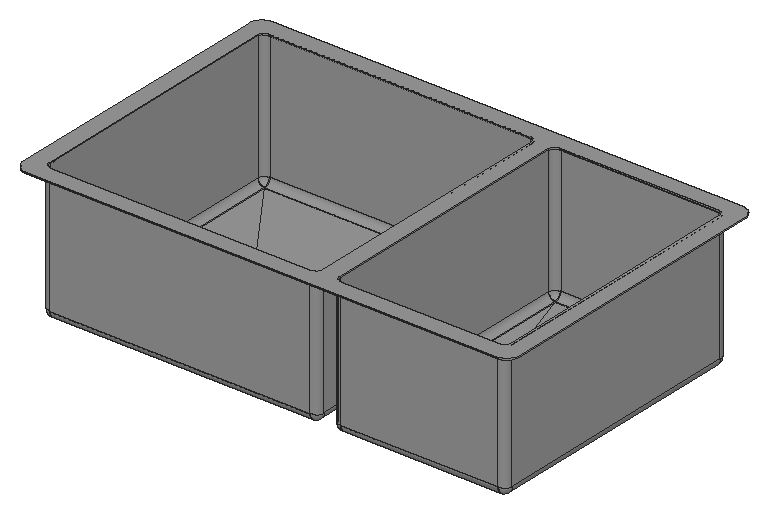
Revit family "BUILDMAT-SNGM011-Clifford-725-Gunmetal", category Plumbing Fixtures, host Face, Revit 2020
Family settings
  Host = Face
  Round Connector Dimension = Use Diameter
  Part Type = Normal
  Cut with Voids When Loaded = No
  Shared = No
  Room Calculation Point = No
Parameters (values of type "Clifford 725x450x205mm")
  Width 2 = 250.0 mm
  Width 1 = 400.0 mm
  Undermount [instance] = 20.0 mm
  URL = "https://www.buildmat.com.au/products/725x450x205-single-and-qtr-bowl-sink"
  Sound Pad 2 = no
  Sound Pad 1 = yes
  Model = "SNA01011"  # constant formula
  Manufacturer URL = "https://www.buildmat.com.au/"
  Manufacturer = "BUILDMAT"  # constant formula
  Length = 400.0 mm
  Gap = 25.0 mm
  Drain Sound Pad 2 = yes
  Drain Sound Pad 1 = yes
  Description = "BUILDMAT - Clifford 725x450 Single & 1/4 Bowl Sink"  # constant formula
  Depth = 205.0 mm
  Default Elevation = 1200.0 mm
  D. S. Pad 2 = 75.0 mm
  D. S. Pad 1 = 230.0 mm
  D. Bracket 4 = 100.0 mm
  D. Bracket 3 = 25.0 mm
  D. Bracket 2 = 30.0 mm
  D. Bracket 1 = 100.0 mm
  Created By URL = "https://www.buildmat.com.au/"
  Created By = "BUILDMAT"  # constant formula
  Created = "22.06.2022"  # constant formula
  Bracket 4 = yes
  Bracket 3 = no
  Bracket 2 = yes
  Bracket 1 = yes
  Material = BUILDMAT Gunmetal
Reference planes
  plane 1 "Center (Front/Back)": y = 0
  plane 2: z = 0
  plane 3 "Center (Left/Right)": x = 0
  plane 4: x = -12.5
  plane 5: x = 12.5
  plane 6: x = -412.5
  plane 7: x = 262.5
  plane 8: y = -200
  plane 9: y = 200
  plane 10: x = -437.5
  plane 11: x = 287.5
  plane 12: y = -225
  plane 13: y = 225
  plane 14: x = 137.5
  plane 15: x = -212.5
  plane 16: y = 190
  plane 17: y = -190
  plane 18: x = -402.5
  plane 19: x = -22.5
  plane 20: x = 22.5
  plane 21: x = 252.5
  plane 22: y = 201.5
  plane 23: y = -201.5
  plane 24: x = -414
  plane 25: x = -11
  plane 26: x = 11
  plane 27: x = 264
  plane 28: x = -269.5
  plane 29: x = -155.5
  plane 30: x = -167.5
  plane 31: x = -257.5
  plane 32: x = 80.5
  plane 33: x = 92.5
  plane 34: x = 182.5
  plane 35: x = 194.5
  plane 36 "Sound Pad 1": x = -182.5
  plane 37 "Sound Pad 2": x = 187.5
  plane 38 "Top Substrate": z = -20
  plane 39: z = -18.5
  plane 40 "Bottom Void": z = -225
  plane 41: z = -215
  plane 42: z = -205
  plane 43: z = -220
  plane 44: z = -221.481
  plane 45: z = -216.5
  plane 46 "Sound Pad": z = -125
  plane 47 "Bracket 1": x = -312.5
  plane 48 "Bracket 2": x = -42.5
  plane 49 "Bracket 3": x = 37.5
  plane 50 "Bracket 4": x = 162.5
  plane 51: y = 100
  plane 52: y = -100
  plane 53: x = -312.5
  plane 54: x = -112.5
  plane 55: x = 37.5
  plane 56: x = 237.5
  plane 57: z = -185
  plane 58: z = -165
Forms (mm)
  Extrusion 1, void
    sketch origin (0, 0, 0) x (1, 0, 0) y (0, 1, 0)
      loop
        arc (-402.5, 200) -> (-409.571, 197.071) -> (-412.5, 190) r 10
        line (-412.5, 190) -> (-412.5, -190)
        arc (-412.5, -190) -> (-409.571, -197.071) -> (-402.5, -200) r 10
        line (-402.5, -200) -> (252.5, -200)
        arc (252.5, -200) -> (259.571, -197.071) -> (262.5, -190) r 10
        line (262.5, -190) -> (262.5, 190)
        arc (262.5, 190) -> (259.571, 197.071) -> (252.5, 200) r 10
        line (252.5, 200) -> (-402.5, 200)
    from 0 to -18.5
  Extrusion 2, void
    sketch origin (0, 0, 0) x (1, 0, 0) y (0, 1, 0)
      loop
        arc (-417.5, 225) -> (-431.642, 219.142) -> (-437.5, 205) r 20
        line (-437.5, 205) -> (-437.5, -205)
        arc (-437.5, -205) -> (-431.642, -219.142) -> (-417.5, -225) r 20
        line (-417.5, -225) -> (267.5, -225)
        arc (267.5, -225) -> (281.642, -219.142) -> (287.5, -205) r 20
        line (287.5, -205) -> (287.5, 205)
        arc (287.5, 205) -> (281.642, 219.142) -> (267.5, 225) r 20
        line (267.5, 225) -> (-417.5, 225)
    from -20 to -18.5
  Extrusion 3, void
    sketch origin (0, 0, 0) x (1, 0, 0) y (0, 1, 0)
      loop
        line (-414, 201.5) -> (-414, -201.5) -> (264, -201.5) -> (264, 201.5) -> (-414, 201.5)
    from -225 to -20
  Extrusion 4, solid, material "BUILDMAT Gunmetal" <- "Material"
    sketch origin (0, 0, -20) x (-1, 0, 0) y (0, -1, 0)
      loop
        arc (417.5, -225) -> (431.642, -219.142) -> (437.5, -205) r 20
        line (437.5, -205) -> (437.5, 205)
        arc (437.5, 205) -> (431.642, 219.142) -> (417.5, 225) r 20
        line (417.5, 225) -> (-267.5, 225)
        arc (-267.5, 225) -> (-281.642, 219.142) -> (-287.5, 205) r 20
        line (-287.5, 205) -> (-287.5, -205)
        arc (-287.5, -205) -> (-281.642, -219.142) -> (-267.5, -225) r 20
        line (-267.5, -225) -> (417.5, -225)
      loop
        arc (402.5, -200) -> (409.571, -197.071) -> (412.5, -190) r 10
        line (412.5, -190) -> (412.5, 190)
        arc (412.5, 190) -> (409.571, 197.071) -> (402.5, 200) r 10
        line (402.5, 200) -> (22.5, 200)
        arc (22.5, 200) -> (15.429, 197.071) -> (12.5, 190) r 10
        line (12.5, 190) -> (12.5, -190)
        arc (12.5, -190) -> (15.429, -197.071) -> (22.5, -200) r 10
        line (22.5, -200) -> (402.5, -200)
      loop
        line (-12.5, -190) -> (-12.5, 190)
        arc (-12.5, 190) -> (-15.429, 197.071) -> (-22.5, 200) r 10
        line (-22.5, 200) -> (-252.5, 200)
        arc (-252.5, 200) -> (-259.571, 197.071) -> (-262.5, 190) r 10
        line (-262.5, 190) -> (-262.5, -190)
        arc (-262.5, -190) -> (-259.571, -197.071) -> (-252.5, -200) r 10
        line (-252.5, -200) -> (-22.5, -200)
        arc (-22.5, -200) -> (-15.429, -197.071) -> (-12.5, -190) r 10
    from 0 to 1.5
  Extrusion 5, solid, material "BUILDMAT Gunmetal" <- "Material"
    sketch origin (0, 0, -20) x (-1, 0, 0) y (0, -1, 0)
      loop
        arc (402.5, -200) -> (409.571, -197.071) -> (412.5, -190) r 10
        line (412.5, -190) -> (412.5, 190)
        arc (412.5, 190) -> (409.571, 197.071) -> (402.5, 200) r 10
        line (402.5, 200) -> (22.5, 200)
        arc (22.5, 200) -> (15.429, 197.071) -> (12.5, 190) r 10
        line (12.5, 190) -> (12.5, -190)
        arc (12.5, -190) -> (15.429, -197.071) -> (22.5, -200) r 10
        line (22.5, -200) -> (402.5, -200)
      loop
        arc (402.5, -201.5) -> (410.632, -198.132) -> (414, -190) r 11.5
        line (414, -190) -> (414, 190)
        arc (414, 190) -> (410.632, 198.132) -> (402.5, 201.5) r 11.5
        line (402.5, 201.5) -> (22.5, 201.5)
        arc (22.5, 201.5) -> (14.368, 198.132) -> (11, 190) r 11.5
        line (11, 190) -> (11, -190)
        arc (11, -190) -> (14.368, -198.132) -> (22.5, -201.5) r 11.5
        line (22.5, -201.5) -> (402.5, -201.5)
    from 0 to -185
  Extrusion 6, solid, material "BUILDMAT Gunmetal" <- "Material"
    sketch origin (0, 0, -20) x (-1, 0, 0) y (0, -1, 0)
      loop
        arc (-22.5, -200) -> (-15.429, -197.071) -> (-12.5, -190) r 10
        line (-12.5, -190) -> (-12.5, 190)
        arc (-12.5, 190) -> (-15.429, 197.071) -> (-22.5, 200) r 10
        line (-22.5, 200) -> (-252.5, 200)
        arc (-252.5, 200) -> (-259.571, 197.071) -> (-262.5, 190) r 10
        line (-262.5, 190) -> (-262.5, -190)
        arc (-262.5, -190) -> (-259.571, -197.071) -> (-252.5, -200) r 10
        line (-252.5, -200) -> (-22.5, -200)
      loop
        line (-11, -190) -> (-11, 190)
        arc (-11, 190) -> (-14.368, 198.132) -> (-22.5, 201.5) r 11.5
        line (-22.5, 201.5) -> (-252.5, 201.5)
        arc (-252.5, 201.5) -> (-260.632, 198.132) -> (-264, 190) r 11.5
        line (-264, 190) -> (-264, -190)
        arc (-264, -190) -> (-260.632, -198.132) -> (-252.5, -201.5) r 11.5
        line (-252.5, -201.5) -> (-22.5, -201.5)
        arc (-22.5, -201.5) -> (-14.368, -198.132) -> (-11, -190) r 11.5
    from 0 to -185
  Extrusion 7, solid, material "BUILDMAT Gunmetal" <- "Material"
    sketch origin (0, 0, 0) x (1, 0, 0) y (0, 0, 1)
      loop
        line (-412.5, -205) -> (-414, -205)
        arc (-414, -205) -> (-410.632, -213.132) -> (-402.5, -216.5) r 11.5
        line (-402.5, -216.5) -> (-402.5, -215)
        arc (-402.5, -215) -> (-409.571, -212.071) -> (-412.5, -205) r 10
    from -190 to 190
  Extrusion 8, solid, material "BUILDMAT Gunmetal" <- "Material"
    sketch origin (0, 0, 0) x (1, 0, 0) y (0, 0, 1)
      loop
        arc (-12.5, -205) -> (-15.429, -212.071) -> (-22.5, -215) r 10
        line (-22.5, -215) -> (-22.5, -216.5)
        arc (-22.5, -216.5) -> (-14.368, -213.132) -> (-11, -205) r 11.5
        line (-11, -205) -> (-12.5, -205)
    from -190 to 190
  Extrusion 9, solid, material "BUILDMAT Gunmetal" <- "Material"
    sketch origin (0, 0, 0) x (1, 0, 0) y (0, 0, 1)
      loop
        line (12.5, -205) -> (11, -205)
        arc (11, -205) -> (14.368, -213.132) -> (22.5, -216.5) r 11.5
        line (22.5, -216.5) -> (22.5, -215)
        arc (22.5, -215) -> (15.429, -212.071) -> (12.5, -205) r 10
    from -190 to 190
  Extrusion 10, solid, material "BUILDMAT Gunmetal" <- "Material"
    sketch origin (0, 0, 0) x (1, 0, 0) y (0, 0, 1)
      loop
        arc (262.5, -205) -> (259.571, -212.071) -> (252.5, -215) r 10
        line (252.5, -215) -> (252.5, -216.5)
        arc (252.5, -216.5) -> (260.632, -213.132) -> (264, -205) r 11.5
        line (264, -205) -> (262.5, -205)
    from -190 to 190
  Extrusion 11, solid, material "BUILDMAT Gunmetal" <- "Material"
    sketch origin (0, 0, 0) x (0, 1, 0) y (0, 0, 1)
      loop
        line (201.5, -205) -> (200, -205)
        arc (200, -205) -> (197.071, -212.071) -> (190, -215) r 10
        line (190, -215) -> (190, -216.5)
        arc (190, -216.5) -> (198.132, -213.132) -> (201.5, -205) r 11.5
    from 22.5 to 252.5
  Extrusion 12, solid, material "BUILDMAT Gunmetal" <- "Material"
    sketch origin (0, 0, 0) x (0, 1, 0) y (0, 0, 1)
      loop
        line (-200, -205) -> (-201.5, -205)
        arc (-201.5, -205) -> (-198.132, -213.132) -> (-190, -216.5) r 11.5
        line (-190, -216.5) -> (-190, -215)
        arc (-190, -215) -> (-197.071, -212.071) -> (-200, -205) r 10
    from 22.5 to 252.5
  Extrusion 13, solid, material "BUILDMAT Gunmetal" <- "Material"
    sketch origin (0, 0, 0) x (0, 1, 0) y (0, 0, 1)
      loop
        arc (200, -205) -> (197.071, -212.071) -> (190, -215) r 10
        line (190, -215) -> (190, -216.5)
        arc (190, -216.5) -> (198.132, -213.132) -> (201.5, -205) r 11.5
        line (201.5, -205) -> (200, -205)
    from -402.5 to -22.5
  Extrusion 14, solid, material "BUILDMAT Gunmetal" <- "Material"
    sketch origin (0, 0, 0) x (0, 1, 0) y (0, 0, 1)
      loop
        line (-200, -205) -> (-201.5, -205)
        arc (-201.5, -205) -> (-198.132, -213.132) -> (-190, -216.5) r 11.5
        line (-190, -216.5) -> (-190, -215)
        arc (-190, -215) -> (-197.071, -212.071) -> (-200, -205) r 10
    from -402.5 to -22.5
  Revolve 15, solid, material "BUILDMAT Gunmetal" <- "Material"
    sketch origin (-423.435, 190, 4000) x (-1, 0, 0) y (0, 0, 1)
      loop
        arc (-10.935, -4205) -> (-13.864, -4212.071) -> (-20.935, -4215) r 10
        line (-20.935, -4215) -> (-20.935, -4216.5)
        arc (-20.935, -4216.5) -> (-12.804, -4213.132) -> (-9.435, -4205) r 11.5
        line (-9.435, -4205) -> (-10.935, -4205)
      axis (-20.935, -4205) -> (-20.935, -4216.5)
    angle from -90 to 0
  Revolve 16, solid, material "BUILDMAT Gunmetal" <- "Material"
    sketch origin (-423.435, 190, 4000) x (-1, 0, 0) y (0, 0, 1)
      loop
        line (-410.935, -4205) -> (-412.435, -4205)
        arc (-412.435, -4205) -> (-409.067, -4213.132) -> (-400.935, -4216.5) r 11.5
        line (-400.935, -4216.5) -> (-400.935, -4215)
        arc (-400.935, -4215) -> (-408.006, -4212.071) -> (-410.935, -4205) r 10
      axis (-400.935, -4205) -> (-400.935, -4216.5)
    angle from -90 to 0
  Revolve 17, solid, material "BUILDMAT Gunmetal" <- "Material"
    sketch origin (-423.435, 190, 4000) x (-1, 0, 0) y (0, 0, 1)
      loop
        arc (-435.935, -4205) -> (-438.864, -4212.071) -> (-445.935, -4215) r 10
        line (-445.935, -4215) -> (-445.935, -4216.5)
        arc (-445.935, -4216.5) -> (-437.804, -4213.132) -> (-434.435, -4205) r 11.5
        line (-434.435, -4205) -> (-435.935, -4205)
      axis (-445.935, -4205) -> (-445.935, -4216.5)
    angle from -90 to 0
  Revolve 18, solid, material "BUILDMAT Gunmetal" <- "Material"
    sketch origin (-423.435, 190, 4000) x (-1, 0, 0) y (0, 0, 1)
      loop
        line (-685.935, -4205) -> (-687.435, -4205)
        arc (-687.435, -4205) -> (-684.067, -4213.132) -> (-675.935, -4216.5) r 11.5
        line (-675.935, -4216.5) -> (-675.935, -4215)
        arc (-675.935, -4215) -> (-683.006, -4212.071) -> (-685.935, -4205) r 10
      axis (-675.935, -4205) -> (-675.935, -4216.5)
    angle from -90 to 0
  Revolve 19, solid, material "BUILDMAT Gunmetal" <- "Material"
    sketch origin (-423.435, -190, 4000) x (-1, 0, 0) y (0, 0, 1)
      loop
        arc (-10.935, -4205) -> (-13.864, -4212.071) -> (-20.935, -4215) r 10
        line (-20.935, -4215) -> (-20.935, -4216.5)
        arc (-20.935, -4216.5) -> (-12.804, -4213.132) -> (-9.435, -4205) r 11.5
        line (-9.435, -4205) -> (-10.935, -4205)
      axis (-20.935, -4205) -> (-20.935, -4216.5)
    angle from 0 to 90
  Revolve 20, solid, material "BUILDMAT Gunmetal" <- "Material"
    sketch origin (-423.435, -190, 4000) x (-1, 0, 0) y (0, 0, 1)
      loop
        arc (-412.435, -4205) -> (-409.067, -4213.132) -> (-400.935, -4216.5) r 11.5
        line (-400.935, -4216.5) -> (-400.935, -4215)
        arc (-400.935, -4215) -> (-408.006, -4212.071) -> (-410.935, -4205) r 10
        line (-410.935, -4205) -> (-412.435, -4205)
      axis (-400.935, -4205) -> (-400.935, -4216.5)
    angle from 0 to 90
  Revolve 21, solid, material "BUILDMAT Gunmetal" <- "Material"
    sketch origin (-423.435, -190, 4000) x (-1, 0, 0) y (0, 0, 1)
      loop
        line (-434.435, -4205) -> (-435.935, -4205)
        arc (-435.935, -4205) -> (-438.864, -4212.071) -> (-445.935, -4215) r 10
        line (-445.935, -4215) -> (-445.935, -4216.5)
        arc (-445.935, -4216.5) -> (-437.804, -4213.132) -> (-434.435, -4205) r 11.5
      axis (-445.935, -4205) -> (-445.935, -4216.5)
    angle from 0 to 90
  Revolve 22, solid, material "BUILDMAT Gunmetal" <- "Material"
    sketch origin (-423.435, -190, 4000) x (-1, 0, 0) y (0, 0, 1)
      loop
        arc (-687.435, -4205) -> (-684.067, -4213.132) -> (-675.935, -4216.5) r 11.5
        line (-675.935, -4216.5) -> (-675.935, -4215)
        arc (-675.935, -4215) -> (-683.006, -4212.071) -> (-685.935, -4205) r 10
        line (-685.935, -4205) -> (-687.435, -4205)
      axis (-675.935, -4205) -> (-675.935, -4216.5)
    angle from 0 to 90
  Extrusion 23, solid, material "BUILDMAT Gunmetal" <- "Material"
    sketch origin (0, 0, -20) x (-1, 0, 0) y (0, -1, 0)
      loop
        line (22.5, -190) -> (402.5, -190) -> (402.5, 190) -> (22.5, 190) -> (22.5, -190)
    from -196.5 to -195
  Extrusion 24, solid, material "BUILDMAT Gunmetal" <- "Material"
    sketch origin (0, 0, -20) x (-1, 0, 0) y (0, -1, 0)
      loop
        line (-22.5, -190) -> (-22.5, 190) -> (-252.5, 190) -> (-252.5, -190) -> (-22.5, -190)
    from -196.5 to -195
  Blend 25, solid, material "BUILDMAT Gunmetal" <- "Material"
    base sketch origin (0, 0, -20) x (-1, 0, 0) y (0, -1, 0)
      loop
        circle (212.5, 0) r 57
    top sketch origin (0, 0, -20) x (-1, 0, 0) y (0, -1, 0)
      loop
        line (402.5, -190) -> (402.5, 190) -> (22.5, 190) -> (22.5, -190) -> (402.5, -190)
    from -201.481 to -196.5
  Blend 26, solid, material "BUILDMAT Gunmetal" <- "Material"
    base sketch origin (0, 0, -20) x (-1, 0, 0) y (0, -1, 0)
      loop
        circle (-137.5, 0) r 57
    top sketch origin (0, 0, -20) x (-1, 0, 0) y (0, -1, 0)
      loop
        line (-22.5, -190) -> (-22.5, 190) -> (-252.5, 190) -> (-252.5, -190) -> (-22.5, -190)
    from -201.481 to -196.5
  Blend 27, void
    base sketch origin (0, 0, -20) x (-1, 0, 0) y (0, -1, 0)
      loop
        circle (212.5, 0) r 57
    top sketch origin (0, 0, -20) x (-1, 0, 0) y (0, -1, 0)
      loop
        line (402.5, -190) -> (402.5, 190) -> (22.5, 190) -> (22.5, -190) -> (402.5, -190)
    from -200 to -195
  Blend 28, void
    base sketch origin (0, 0, -20) x (-1, 0, 0) y (0, -1, 0)
      loop
        circle (-137.5, 0) r 57
    top sketch origin (0, 0, -20) x (-1, 0, 0) y (0, -1, 0)
      loop
        line (-22.5, -190) -> (-22.5, 190) -> (-252.5, 190) -> (-252.5, -190) -> (-22.5, -190)
    from -200 to -195
  Extrusion 29, void
    sketch origin (0, 0, -225) x (-1, 0, 0) y (0, -1, 0)
      loop
        circle (212.5, 0) r 57
    from 0 to 5
  Extrusion 30, void
    sketch origin (0, 0, -225) x (-1, 0, 0) y (0, -1, 0)
      loop
        circle (-137.5, 0) r 57
    from 0 to 5
  Revolve 31, solid, material "BUILDMAT Gunmetal" <- "Material"
    sketch origin (0, 0, 0) x (1, 0, 0) y (0, 0, 1)
      loop
        spline (-269.5, -220) -> (-269.397, -220.653) -> (-269.091, -221.294) -> (-268.587, -221.913) -> (-267.892, -222.5) -> (-267.02, -223.044) -> (-265.985, -223.536) -> (-264.805, -223.967) -> (-263.5, -224.33) -> (-262.092, -224.619) -> (-260.606, -224.83) -> (-259.066, -224.957) -> (-257.5, -225)
        line (-257.5, -225) -> (-257.5, -223.5)
        spline (-257.5, -223.5) -> (-258.871, -223.47) -> (-260.218, -223.381) -> (-261.518, -223.234) -> (-262.75, -223.031) -> (-263.892, -222.777) -> (-264.925, -222.475) -> (-265.83, -222.131) -> (-266.593, -221.75) -> (-267.201, -221.339) -> (-267.642, -220.906) -> (-267.91, -220.457) -> (-268, -220)
        line (-268, -220) -> (-269.5, -220)
      axis (-212.5, -225) -> (-212.5, -220)
    angle from 0 to 360
  Revolve 32, solid, material "BUILDMAT Gunmetal" <- "Material"
    sketch origin (0, 0, 0) x (1, 0, 0) y (0, 0, 1)
      loop
        line (194.5, -220) -> (193, -220)
        spline (193, -220) -> (192.91, -220.457) -> (192.642, -220.906) -> (192.201, -221.339) -> (191.593, -221.75) -> (190.83, -222.131) -> (189.925, -222.475) -> (188.892, -222.777) -> (187.75, -223.031) -> (186.518, -223.234) -> (185.218, -223.381) -> (183.871, -223.47) -> (182.5, -223.5)
        line (182.5, -223.5) -> (182.5, -225)
        spline (182.5, -225) -> (184.066, -224.957) -> (185.606, -224.83) -> (187.092, -224.619) -> (188.5, -224.33) -> (189.805, -223.967) -> (190.985, -223.536) -> (192.02, -223.044) -> (192.892, -222.5) -> (193.587, -221.913) -> (194.091, -221.294) -> (194.397, -220.653) -> (194.5, -220)
      axis (137.5, -220) -> (137.5, -225)
    angle from 0 to 360
Cuts and joins
  Blend 27, Extrusion 29 cuts Extrusion 23
  Blend 27, Extrusion 29 cuts Blend 25
  joined: Extrusion 23, Blend 25
  Blend 28, Extrusion 30 cuts Extrusion 24
  Blend 28, Extrusion 30 cuts Blend 26
  joined: Extrusion 24, Blend 26
Lines and regions (mm)
  Masking region 1
    outline origin (0, 0, 0) x (1, 0, 0) y (0, 0, 1)
      loop
        line (-412.5, -20) -> (-412.5, -205)
        arc (-412.5, -205) -> (-409.571, -212.071) -> (-402.5, -215) r 10
        line (-402.5, -215) -> (-269.5, -220) -> (-155.5, -220) -> (-22.5, -215)
        arc (-22.5, -215) -> (-15.429, -212.071) -> (-12.5, -205) r 10
        line (-12.5, -205) -> (-12.5, -20) -> (-412.5, -20)
  Masking region 2
    outline origin (0, 0, 0) x (1, 0, 0) y (0, 0, 1)
      loop
        line (12.5, -20) -> (12.5, -205)
        arc (12.5, -205) -> (14.848, -211.438) -> (20.789, -214.852) r 10
        line (20.789, -214.852) -> (80.5, -220) -> (194.5, -220) -> (252.5, -215)
        arc (252.5, -215) -> (259.571, -212.071) -> (262.5, -205) r 10
        line (262.5, -205) -> (262.5, -20) -> (12.5, -20)
  Masking region 3, visible <- "Drain Sound Pad 1"
    outline origin (0, 0, 0) x (1, 0, 0) y (0, 0, 1)
      loop
        line (-269.5, -221.481) -> (-312.5, -219.871) -> (-312.5, -225) -> (-269.5, -225) -> (-269.5, -221.481)
  Masking region 4, visible <- "Drain Sound Pad 1"
    outline origin (0, 0, 0) x (1, 0, 0) y (0, 0, 1)
      loop
        line (-155.5, -221.481) -> (-155.5, -225) -> (-112.5, -225) -> (-112.5, -219.871) -> (-155.5, -221.481)
  Masking region 5, visible <- "Drain Sound Pad 2"
    outline origin (0, 0, 0) x (1, 0, 0) y (0, 0, 1)
      loop
        line (37.5, -217.788) -> (37.5, -225) -> (80.5, -225) -> (80.5, -221.481) -> (37.5, -217.788)
  Masking region 6, visible <- "Drain Sound Pad 2"
    outline origin (0, 0, 0) x (1, 0, 0) y (0, 0, 1)
      loop
        line (237.5, -217.788) -> (194.5, -221.481) -> (194.5, -225) -> (237.5, -225) -> (237.5, -217.788)
  Masking region 7
    outline origin (0, 0, 0) x (1, 0, 0) y (0, 0, 1)
      loop
        line (-11, -165) -> (-11, -185) -> (11, -185) -> (11, -165) -> (-11, -165)
Text (mm)
  text "Refer to www.buildmat.com.au for the most current product literature. \nAllow a +/- 5mm tolerance for dimensions shown in the product literature. \nPlease note product details are subject to change due to ongoing product development." at (0.056, -1035.857, 0), in view "Ref. Level"
Dimensions and locks
  equal spacing: plane 4, plane 3 "Center (Left/Right)", plane 5
  "Gap": plane 4 to plane 5
  "Width 1": plane 6 to plane 4
  "Width 2": plane 5 to plane 7
  equal spacing: plane 9, plane 1 "Center (Front/Back)", plane 8
  "Length": plane 8 to plane 9
  locked: plane 10 to plane 6 at 25
  locked: plane 7 to plane 11 at 25
  locked: plane 13 to plane 9 at 25
  locked: plane 8 to plane 12 at 25
  equal spacing: plane 5, plane 14, plane 7
  equal spacing: plane 6, plane 15, plane 4
  locked: plane 9 to plane 16 at 10
  locked: plane 17 to plane 8 at 10
  locked: plane 6 to plane 18 at 10
  locked: plane 19 to plane 4 at 10
  locked: plane 5 to plane 20 at 10
  locked: plane 21 to plane 7 at 10
  locked: plane 8 to plane 23 at 1.5
  locked: plane 22 to plane 9 at 1.5
  locked: plane 24 to plane 6 at 1.5
  locked: plane 4 to plane 25 at 1.5
  locked: plane 26 to plane 5 at 1.5
  locked: plane 7 to plane 27 at 1.5
  plane 28 to plane 15 to plane 29 = 57.0 mm locked, 57.0 mm locked
  plane 31 to plane 15 to plane 30 = 45.0 mm locked, 45.0 mm locked
  plane 32 to plane 14 to plane 35 = 57.0 mm locked, 57.0 mm locked
  plane 33 to plane 14 to plane 34 = 45.0 mm locked, 45.0 mm locked
  locked: plane 39 to plane 38 "Top Substrate" at 1.5
  plane 42 to plane 41 to plane 40 "Bottom Void" = 10.0 mm locked, 10.0 mm locked
  locked: plane 43 to plane 40 "Bottom Void" at 5
  locked: plane 43 to plane 44 at 1.481
  locked: plane 41 to plane 45 at 1.5
  locked: plane 46 "Sound Pad" to plane 40 "Bottom Void" at 100
  "Depth": plane 38 "Top Substrate" to plane 40 "Bottom Void"
  "Undermount": plane 2 to plane 38 "Top Substrate"
  "D. S. Pad 1": plane 36 "Sound Pad 1" to plane 6
  "D. S. Pad 2": plane 7 to plane 37 "Sound Pad 2"
  "D. Bracket 1": plane 47 "Bracket 1" to plane 6
  "D. Bracket 2": plane 4 to plane 48 "Bracket 2"
  "D. Bracket 3": plane 49 "Bracket 3" to plane 5
  "D. Bracket 4": plane 7 to plane 50 "Bracket 4"
  locked: plane 9 to plane 51 at 100
  locked: plane 52 to plane 8 at 100
  plane 54 to plane 15 to plane 53 = 100.0 mm locked, 100.0 mm locked
  plane 56 to plane 14 to plane 55 = 100.0 mm locked, 100.0 mm locked
  plane 58 to plane 57 to plane 42 = 20.0 mm locked, 20.0 mm locked
  aligned and locked: plane 2 to host face
  aligned and locked: level to host face
  aligned and locked: Extrusion 1 sketch curve to plane 9
  aligned and locked: Extrusion 1 sketch curve to plane 6
  aligned and locked: Extrusion 1 sketch curve to plane 7
  aligned and locked: Extrusion 1 sketch curve to plane 8
  aligned and locked: Extrusion 1 to level
  aligned and locked: Extrusion 1 to plane 39
  aligned and locked: Extrusion 2 sketch curve to plane 13
  aligned and locked: Extrusion 2 sketch curve to plane 10
  aligned and locked: Extrusion 2 sketch curve to plane 11
  aligned and locked: Extrusion 2 sketch curve to plane 12
  aligned and locked: Extrusion 2 to plane 38 "Top Substrate"
  aligned and locked: plane 39 to Extrusion 2
  aligned and locked: Extrusion 3 sketch curve to plane 22
  aligned and locked: Extrusion 3 sketch curve to plane 24
  aligned and locked: Extrusion 3 sketch curve to plane 27
  aligned and locked: Extrusion 3 sketch curve to plane 23
  aligned and locked: Extrusion 3 to plane 40 "Bottom Void"
  aligned and locked: plane 38 "Top Substrate" to Extrusion 3
  aligned and locked: Extrusion 4 sketch curve to plane 13
  aligned and locked: Extrusion 4 sketch curve to plane 10
  aligned and locked: Extrusion 4 sketch curve to plane 11
  aligned and locked: Extrusion 4 sketch curve to plane 12
  aligned and locked: Extrusion 4 sketch curve to plane 9  (x2)
  aligned and locked: Extrusion 4 sketch curve to plane 6
  aligned and locked: Extrusion 4 sketch curve to plane 8  (x2)
  aligned and locked: Extrusion 4 sketch curve to plane 4
  aligned and locked: Extrusion 4 sketch curve to plane 5
  aligned and locked: Extrusion 4 sketch curve to plane 7
  aligned and locked: Extrusion 4 to plane 38 "Top Substrate"
  aligned and locked: plane 39 to Extrusion 4
  aligned and locked: Extrusion 5 sketch curve to plane 9
  aligned and locked: Extrusion 5 sketch curve to plane 22
  aligned and locked: Extrusion 5 sketch curve to plane 6
  aligned and locked: Extrusion 5 sketch curve to plane 24
  aligned and locked: Extrusion 5 sketch curve to plane 25
  aligned and locked: Extrusion 5 sketch curve to plane 4
  aligned and locked: Extrusion 5 sketch curve to plane 23
  aligned and locked: Extrusion 5 sketch curve to plane 8
  aligned and locked: Extrusion 5 to plane 42
  aligned and locked: plane 38 "Top Substrate" to Extrusion 5
  aligned and locked: Extrusion 6 sketch curve to plane 9
  aligned and locked: Extrusion 6 sketch curve to plane 7
  aligned and locked: Extrusion 6 sketch curve to plane 8
  aligned and locked: Extrusion 6 sketch curve to plane 5
  aligned and locked: Extrusion 6 sketch curve to plane 26
  aligned and locked: Extrusion 6 sketch curve to plane 27
  aligned and locked: Extrusion 6 sketch curve to plane 22
  aligned and locked: Extrusion 6 sketch curve to plane 23
  aligned and locked: Extrusion 6 to plane 42
  aligned and locked: plane 38 "Top Substrate" to Extrusion 6
  aligned and locked: Extrusion 7 sketch curve to plane 42
  aligned and locked: Extrusion 7 sketch curve to plane 18
  aligned and locked: Extrusion 8 sketch curve to plane 42
  aligned and locked: Extrusion 8 sketch curve to plane 19
  aligned and locked: Extrusion 9 sketch curve to plane 42
  aligned and locked: Extrusion 9 sketch curve to plane 20
  aligned and locked: Extrusion 10 sketch curve to plane 21
  aligned and locked: Extrusion 10 sketch curve to plane 42
  aligned and locked: plane 16 to Extrusion 10
  aligned and locked: plane 16 to Extrusion 9
  aligned and locked: plane 16 to Extrusion 8
  aligned and locked: plane 16 to Extrusion 7
  aligned and locked: Extrusion 10 to plane 17
  aligned and locked: Extrusion 9 to plane 17
  aligned and locked: Extrusion 8 to plane 17
  aligned and locked: Extrusion 7 to plane 17
  aligned and locked: plane 42 to Extrusion 11 sketch curve
  aligned and locked: plane 16 to Extrusion 11 sketch curve
  aligned and locked: plane 17 to Extrusion 12 sketch curve
  aligned and locked: plane 42 to Extrusion 12 sketch curve
  aligned and locked: plane 21 to Extrusion 11
  aligned and locked: plane 21 to Extrusion 12
  aligned and locked: Extrusion 11 to plane 20
  aligned and locked: Extrusion 12 to plane 20
  aligned and locked: plane 16 to Extrusion 13 sketch curve
  aligned and locked: plane 42 to Extrusion 13 sketch curve
  aligned and locked: plane 17 to Extrusion 14 sketch curve
  aligned and locked: plane 42 to Extrusion 14 sketch curve
  aligned and locked: Extrusion 14 to plane 18
  aligned and locked: plane 19 to Extrusion 14
  aligned and locked: Extrusion 13 to plane 18
  aligned and locked: plane 19 to Extrusion 13
  aligned and locked: Revolve 15 sketch curve to plane 18
  aligned and locked: plane 42 to Revolve 15 sketch curve
  aligned and locked: plane 18 to Revolve 15 sketch curve
  aligned and locked: plane 18 to Revolve 15
  aligned and locked: plane 16 to Revolve 15
  aligned and locked: Revolve 16 sketch curve to plane 19
  aligned and locked: plane 19 to Revolve 16 sketch curve
  aligned and locked: plane 42 to Revolve 16 sketch curve
  aligned and locked: Revolve 16 to plane 19
  aligned and locked: plane 16 to Revolve 16
  aligned and locked: Revolve 17 sketch curve to plane 20
  aligned and locked: plane 42 to Revolve 17 sketch curve
  aligned and locked: plane 20 to Revolve 17 sketch curve
  aligned and locked: plane 20 to Revolve 17
  aligned and locked: plane 16 to Revolve 17
  aligned and locked: Revolve 18 sketch curve to plane 21
  aligned and locked: plane 21 to Revolve 18 sketch curve
  aligned and locked: plane 42 to Revolve 18 sketch curve
  aligned and locked: Revolve 18 to plane 21
  aligned and locked: plane 16 to Revolve 18
  aligned and locked: Revolve 19 sketch curve to plane 18
  aligned and locked: plane 42 to Revolve 19 sketch curve
  aligned and locked: plane 18 to Revolve 19 sketch curve
  aligned and locked: Revolve 19 to plane 18
  aligned and locked: plane 17 to Revolve 19
  aligned and locked: Revolve 20 sketch curve to plane 19
  aligned and locked: plane 42 to Revolve 20 sketch curve
  aligned and locked: plane 19 to Revolve 20 sketch curve
  aligned and locked: plane 19 to Revolve 20
  aligned and locked: plane 17 to Revolve 20
  aligned and locked: Revolve 21 sketch curve to plane 20
  aligned and locked: plane 42 to Revolve 21 sketch curve
  aligned and locked: plane 20 to Revolve 21 sketch curve
  aligned and locked: Revolve 21 to plane 20
  aligned and locked: plane 17 to Revolve 21
  aligned and locked: Revolve 22 sketch curve to plane 21
  aligned and locked: plane 42 to Revolve 22 sketch curve
  aligned and locked: plane 21 to Revolve 22 sketch curve
  aligned and locked: plane 17 to Revolve 22
  aligned and locked: plane 21 to Revolve 22
  aligned and locked: Extrusion 23 sketch curve to plane 19
  aligned and locked: Extrusion 23 sketch curve to plane 18
  aligned and locked: Extrusion 23 sketch curve to plane 16
  aligned and locked: Extrusion 23 sketch curve to plane 17
  aligned and locked: Extrusion 23 to plane 45
  aligned and locked: plane 41 to Extrusion 23
  aligned and locked: Extrusion 24 sketch curve to plane 16
  aligned and locked: Extrusion 24 sketch curve to plane 17
  aligned and locked: Extrusion 24 sketch curve to plane 21
  aligned and locked: Extrusion 24 sketch curve to plane 20
  aligned and locked: Extrusion 24 to plane 45
  aligned and locked: plane 41 to Extrusion 24
  aligned and locked: plane 44 to Blend 25
  aligned and locked: plane 45 to Blend 25
  aligned and locked: plane 44 to Blend 26
  aligned and locked: Blend 26 to plane 45
  aligned and locked: Blend 25 sketch curve to plane 16
  aligned and locked: Blend 25 sketch curve to plane 17
  aligned and locked: Blend 25 sketch curve to plane 18
  aligned and locked: Blend 25 sketch curve to plane 19
  aligned and locked: Blend 26 sketch curve to plane 16
  aligned and locked: Blend 26 sketch curve to plane 17
  aligned and locked: Blend 26 sketch curve to plane 21
  aligned and locked: Blend 26 sketch curve to plane 20
  aligned and locked: Blend 27 sketch curve to plane 16
  aligned and locked: Blend 27 sketch curve to plane 17
  aligned and locked: Blend 27 sketch curve to plane 18
  aligned and locked: Blend 27 sketch curve to plane 19
  aligned and locked: Blend 27 to plane 43
  aligned and locked: plane 41 to Blend 27
  aligned and locked: Blend 28 sketch curve to plane 16
  aligned and locked: Blend 28 sketch curve to plane 17
  aligned and locked: Blend 28 sketch curve to plane 21
  aligned and locked: Blend 28 sketch curve to plane 20
  aligned and locked: Blend 28 to plane 43
  aligned and locked: plane 41 to Blend 28
  aligned and locked: Extrusion 29 to plane 40 "Bottom Void"
  aligned and locked: plane 43 to Extrusion 29
  aligned and locked: Extrusion 30 to plane 40 "Bottom Void"
  aligned and locked: plane 43 to Extrusion 30
  aligned and locked: plane 15 to Revolve 31 sketch curve
  aligned and locked: Revolve 31 sketch curve to plane 43
  aligned and locked: plane 31 to Revolve 31 sketch curve
  aligned and locked: Revolve 32 sketch curve to plane 14
  aligned and locked: plane 34 to Revolve 32 sketch curve
  aligned and locked: plane 43 to Revolve 32 sketch curve
  aligned and locked: plane 18 to nested 1
  aligned and locked: plane 19 to nested 1
  aligned and locked: plane 17 to nested 1
  aligned and locked: plane 16 to nested 1
  aligned and locked: plane 20 to nested 2
  aligned and locked: plane 21 to nested 2
  aligned and locked: plane 17 to nested 2
  aligned and locked: plane 16 to nested 2
  aligned and locked: plane 14 to nested 4
  aligned and locked: plane 15 to nested 3
  aligned and locked: plane 1 "Center (Front/Back)" to nested 3
  aligned and locked: plane 1 "Center (Front/Back)" to nested 4
  aligned and locked: plane 51 to nested 5
  aligned and locked: plane 24 to nested 5
  aligned and locked: plane 52 to nested 6
  aligned and locked: plane 24 to nested 6
  aligned and locked: plane 51 to nested 7
  aligned and locked: plane 52 to nested 8
  aligned and locked: nested 8 to plane 27
  aligned and locked: nested 7 to plane 27
  aligned and locked: nested 13 to plane 47 "Bracket 1"
  aligned and locked: nested 14 to plane 48 "Bracket 2"
  aligned and locked: plane 23 to nested 13
  aligned and locked: plane 23 to nested 14
  aligned and locked: nested 15 to plane 49 "Bracket 3"
  aligned and locked: plane 23 to nested 15
  aligned and locked: nested 16 to plane 50 "Bracket 4"
  aligned and locked: plane 23 to nested 16
  aligned and locked: plane 47 "Bracket 1" to nested 9
  aligned and locked: nested 9 to plane 22
  aligned and locked: plane 48 "Bracket 2" to nested 10
  aligned and locked: nested 10 to plane 22
  aligned and locked: plane 49 "Bracket 3" to nested 11
  aligned and locked: plane 50 "Bracket 4" to nested 12
  aligned and locked: nested 12 to plane 22
  aligned and locked: nested 11 to plane 22
  aligned and locked: Masking region 1 sketch curve to plane 38 "Top Substrate"
  aligned and locked: Masking region 1 sketch curve to plane 6
  aligned and locked: Masking region 1 sketch curve to plane 4
  aligned and locked: Masking region 1 sketch curve to Extrusion 7
  aligned and locked: Masking region 1 sketch curve to Extrusion 8
  aligned and locked: Masking region 1 sketch curve to plane 43
  aligned and locked: Masking region 1 sketch curve to cut or joined group of Extrusion 23, Blend 25, Blend 27, Extrusion 29  (x2)
  aligned and locked: Masking region 2 sketch curve to plane 38 "Top Substrate"
  aligned and locked: Masking region 2 sketch curve to plane 43
  aligned and locked: Masking region 2 sketch curve to plane 7
  aligned and locked: Masking region 2 sketch curve to plane 5
  aligned and locked: Masking region 2 sketch curve to Extrusion 9
  aligned and locked: Masking region 2 sketch curve to cut or joined group of Extrusion 24, Blend 26, Blend 28, Extrusion 30  (x2)
  aligned and locked: Masking region 2 sketch curve to Extrusion 10
  aligned and locked: nested 17 to plane 38 "Top Substrate"
  aligned and locked: plane 47 "Bracket 1" to nested 17
  aligned and locked: nested 18 to plane 38 "Top Substrate"
  aligned and locked: plane 48 "Bracket 2" to nested 18
  aligned and locked: nested 20 to plane 38 "Top Substrate"
  aligned and locked: plane 50 "Bracket 4" to nested 20
  aligned and locked: nested 19 to plane 38 "Top Substrate"
  aligned and locked: plane 49 "Bracket 3" to nested 19
  aligned and locked: nested 21 to plane 46 "Sound Pad"
  aligned and locked: plane 36 "Sound Pad 1" to nested 21
  aligned and locked: nested 22 to plane 46 "Sound Pad"
  aligned and locked: plane 37 "Sound Pad 2" to nested 22
  aligned and locked: Masking region 3 sketch curve to plane 28
  aligned and locked: cut or joined group of Extrusion 23, Blend 25, Blend 27, Extrusion 29 to Masking region 3 sketch curve
  aligned and locked: Masking region 3 sketch curve to plane 40 "Bottom Void"
  aligned and locked: Masking region 3 sketch curve to plane 53
  aligned and locked: Masking region 4 sketch curve to plane 29
  aligned and locked: Masking region 4 sketch curve to plane 54
  aligned and locked: Masking region 4 sketch curve to plane 40 "Bottom Void"
  aligned and locked: Masking region 4 sketch curve to cut or joined group of Extrusion 23, Blend 25, Blend 27, Extrusion 29
  aligned and locked: cut or joined group of Extrusion 24, Blend 26, Blend 28, Extrusion 30 to Masking region 5 sketch curve
  aligned and locked: Masking region 5 sketch curve to plane 55
  aligned and locked: Masking region 5 sketch curve to plane 32
  aligned and locked: Masking region 5 sketch curve to plane 40 "Bottom Void"
  aligned and locked: Masking region 6 sketch curve to plane 56
  aligned and locked: Masking region 6 sketch curve to plane 35
  aligned and locked: Masking region 6 sketch curve to cut or joined group of Extrusion 24, Blend 26, Blend 28, Extrusion 30
  aligned and locked: Masking region 6 sketch curve to plane 40 "Bottom Void"
  aligned and locked: Masking region 7 sketch curve to plane 58
  aligned and locked: Masking region 7 sketch curve to plane 57
  aligned and locked: Masking region 7 sketch curve to plane 25
  aligned and locked: Masking region 7 sketch curve to plane 26
Automatic sketch dimensions
  host sketch curve to host sketch curve = 2438.4 mm  (x2)
  Extrusion 1 sketch curve to plane 17 = 0.0 mm
  Extrusion 1 sketch curve to plane 18 = 0.0 mm
  Extrusion 1 sketch curve to plane 21 = 0.0 mm
  Extrusion 1 sketch curve to plane 16 = 0.0 mm
  Extrusion 2 sketch curve to plane 24 = 3.5 mm
  Extrusion 2 sketch curve to plane 23 = 3.5 mm
  plane 22 to Extrusion 2 sketch curve = 3.5 mm
  plane 27 to Extrusion 2 sketch curve = 3.5 mm
  Extrusion 4 sketch curve to plane 21 = 0.0 mm
  Extrusion 4 sketch curve to plane 16 = 0.0 mm  (x2)
  Extrusion 4 sketch curve to plane 20 = 0.0 mm
  Extrusion 4 sketch curve to plane 19 = 0.0 mm  (x2)
  Extrusion 4 sketch curve to plane 18 = 0.0 mm  (x2)
  plane 27 to Extrusion 4 sketch curve = 3.5 mm  (x2)
  Extrusion 4 sketch curve to plane 24 = 3.5 mm
  plane 22 to Extrusion 4 sketch curve = 3.5 mm
  Extrusion 5 sketch curve to plane 19 = 0.0 mm
  Extrusion 5 sketch curve to plane 18 = 0.0 mm  (x2)
  Extrusion 5 sketch curve to plane 17 = 0.0 mm
  Extrusion 5 sketch curve to Extrusion 5 sketch curve = 0.0 mm  (x4)
  Extrusion 6 sketch curve to plane 21 = 0.0 mm
  Extrusion 6 sketch curve to plane 20 = 0.0 mm  (x2)
  Extrusion 6 sketch curve to plane 16 = 0.0 mm
  Extrusion 6 sketch curve to Extrusion 6 sketch curve = 0.0 mm  (x4)
  Extrusion 7 sketch curve to plane 6 = 0.0 mm
  Extrusion 7 sketch curve to plane 45 = 0.0 mm
  Extrusion 8 sketch curve to plane 4 = 0.0 mm
  Extrusion 8 sketch curve to plane 45 = 0.0 mm
  Extrusion 9 sketch curve to plane 5 = 0.0 mm
  Extrusion 9 sketch curve to plane 45 = 0.0 mm
  Extrusion 10 sketch curve to plane 7 = 0.0 mm
  Extrusion 10 sketch curve to plane 45 = 0.0 mm
  Extrusion 11 sketch curve to plane 9 = 0.0 mm
  Extrusion 11 sketch curve to plane 45 = 0.0 mm
  Extrusion 12 sketch curve to plane 8 = 0.0 mm
  Extrusion 12 sketch curve to plane 45 = 0.0 mm
  Extrusion 13 sketch curve to plane 9 = 0.0 mm
  Extrusion 13 sketch curve to plane 45 = 0.0 mm
  Extrusion 14 sketch curve to plane 8 = 0.0 mm
  Extrusion 14 sketch curve to plane 45 = 0.0 mm
  Revolve 15 sketch curve to plane 6 = 0.0 mm
  Revolve 15 sketch curve to plane 45 = 0.0 mm  (x2)
  Revolve 15 sketch curve to plane 42 = 0.0 mm
  Revolve 16 sketch curve to plane 4 = 0.0 mm
  Revolve 16 sketch curve to plane 45 = 0.0 mm  (x2)
  Revolve 16 sketch curve to plane 42 = 0.0 mm
  Revolve 17 sketch curve to plane 5 = 0.0 mm
  Revolve 17 sketch curve to plane 45 = 0.0 mm  (x2)
  Revolve 17 sketch curve to plane 42 = 0.0 mm
  Revolve 18 sketch curve to plane 7 = 0.0 mm
  Revolve 18 sketch curve to plane 45 = 0.0 mm  (x2)
  Revolve 18 sketch curve to plane 42 = 0.0 mm
  Revolve 19 sketch curve to plane 6 = 0.0 mm
  Revolve 19 sketch curve to plane 45 = 0.0 mm  (x2)
  Revolve 19 sketch curve to plane 42 = 0.0 mm
  Revolve 20 sketch curve to plane 4 = 0.0 mm
  Revolve 20 sketch curve to plane 45 = 0.0 mm  (x2)
  Revolve 20 sketch curve to plane 42 = 0.0 mm
  Revolve 21 sketch curve to plane 5 = 0.0 mm
  Revolve 21 sketch curve to plane 45 = 0.0 mm  (x2)
  Revolve 21 sketch curve to plane 42 = 0.0 mm
  Revolve 22 sketch curve to plane 7 = 0.0 mm
  Revolve 22 sketch curve to plane 45 = 0.0 mm  (x2)
  Revolve 22 sketch curve to plane 42 = 0.0 mm
  plane 1 "Center (Front/Back)" to Blend 25 sketch curve = 0.0 mm
  Blend 25 sketch curve to plane 15 = 0.0 mm
  plane 1 "Center (Front/Back)" to Blend 26 sketch curve = 0.0 mm
  Blend 26 sketch curve to plane 14 = 0.0 mm
  plane 1 "Center (Front/Back)" to Blend 27 sketch curve = 0.0 mm
  Blend 27 sketch curve to plane 15 = 0.0 mm
  plane 1 "Center (Front/Back)" to Blend 28 sketch curve = 0.0 mm
  Blend 28 sketch curve to plane 14 = 0.0 mm
  plane 1 "Center (Front/Back)" to Extrusion 29 sketch curve = 0.0 mm
  Extrusion 29 sketch curve to plane 15 = 0.0 mm
  plane 1 "Center (Front/Back)" to Extrusion 30 sketch curve = 0.0 mm
  Extrusion 30 sketch curve to plane 14 = 0.0 mm
  Revolve 31 sketch curve to plane 28 = 0.0 mm
  Revolve 31 sketch curve to plane 40 "Bottom Void" = 0.0 mm
  Revolve 31 sketch curve to plane 42 = 0.0 mm
  plane 28 to Revolve 31 sketch curve = 1.5 mm
  Revolve 31 sketch curve to Revolve 31 sketch curve = 1.5 mm
  plane 40 "Bottom Void" to Revolve 31 sketch curve = 0.0 mm
  Revolve 32 sketch curve to plane 35 = 0.0 mm
  Revolve 32 sketch curve to plane 40 "Bottom Void" = 0.0 mm
  Revolve 32 sketch curve to plane 42 = 0.0 mm
  Revolve 32 sketch curve to Revolve 32 sketch curve = 1.5 mm  (x2)
  plane 40 "Bottom Void" to Revolve 32 sketch curve = 0.0 mm
  radius of Blend 25 sketch curve = 57.0 mm
  radius of Blend 26 sketch curve = 57.0 mm
  radius of Blend 27 sketch curve = 57.0 mm
  radius of Blend 28 sketch curve = 57.0 mm
  radius of Extrusion 29 sketch curve = 57.0 mm
  radius of Extrusion 30 sketch curve = 57.0 mm
Nested families
  nested 1: "BOWL Plan" at (-212.5, 0, -125), type "BOWL Plan"
    with Width 380.0 mm, Lenght 380.0 mm
  nested 2: "BOWL Plan" at (137.5, 0, -125), type "BOWL Plan"
    with Width 230.0 mm, Lenght 380.0 mm
  nested 3: "DRAIN" at (-212.5, 0, -20), type "DRAIN"
  nested 4: "DRAIN" at (137.5, 0, -20), type "DRAIN"
  nested 5: "TMB_Plan" at (-414, 100, -225) x (0, 1, 0) z (0, 0, 1), type "TMB_Plan"
  nested 6: "TMB_Plan" at (-414, -100, -225) x (0, 1, 0) z (0, 0, 1), type "TMB_Plan"
  nested 7: "TMB_Plan" at (264, 100, -225) x (0, -1, 0) z (0, 0, 1), type "TMB_Plan"
  nested 8: "TMB_Plan" at (264, -100, -225) x (0, -1, 0) z (0, 0, 1), type "TMB_Plan"
  nested 9: "TMB_Plan" at (-312.5, 201.5, -225), visible <- "Bracket 1", type "TMB_Plan"
  nested 10: "TMB_Plan" at (-42.5, 201.5, -225), visible <- "Bracket 2", type "TMB_Plan"
  nested 11: "TMB_Plan" at (37.5, 201.5, -225), visible <- "Bracket 3", type "TMB_Plan"
  nested 12: "TMB_Plan" at (162.5, 201.5, -225), visible <- "Bracket 4", type "TMB_Plan"
  nested 13: "TMB_Plan" at (-312.5, -201.5, -225) x (-1, 0, 0) z (0, 0, 1), visible <- "Bracket 1", type "TMB_Plan"
  nested 14: "TMB_Plan" at (-42.5, -201.5, -225) x (-1, 0, 0) z (0, 0, 1), visible <- "Bracket 2", type "TMB_Plan"
  nested 15: "TMB_Plan" at (37.5, -201.5, -225) x (-1, 0, 0) z (0, 0, 1), visible <- "Bracket 3", type "TMB_Plan"
  nested 16: "TMB_Plan" at (162.5, -201.5, -225) x (-1, 0, 0) z (0, 0, 1), visible <- "Bracket 4", type "TMB_Plan"
  nested 17: "TMB_Front" at (-312.5, 0, -20) x (1, 0, 0) z (0, -1, 0), visible <- "Bracket 1", type "TMB_Front"
  nested 18: "TMB_Front" at (-42.5, 0, -20) x (1, 0, 0) z (0, -1, 0), visible <- "Bracket 2", type "TMB_Front"
  nested 19: "TMB_Front" at (37.5, 0, -20) x (1, 0, 0) z (0, -1, 0), visible <- "Bracket 3", type "TMB_Front"
  nested 20: "TMB_Front" at (162.5, 0, -20) x (1, 0, 0) z (0, -1, 0), visible <- "Bracket 4", type "TMB_Front"
  nested 21: "SP_Front" at (-182.5, 0, -125) x (1, 0, 0) z (0, -1, 0), visible <- "Sound Pad 1", type "SP_Front"
  nested 22: "SP_Front" at (187.5, 0, -125) x (1, 0, 0) z (0, -1, 0), visible <- "Sound Pad 2", type "SP_Front"
Definition of nested family "BOWL Plan"
  Parameters (values of type "BOWL Plan")
    Width [instance] = 600.0 mm
    Lenght [instance] = 400.0 mm
  Reference planes
    plane 1 "Center (Front/Back)": y = 0
    plane 2: z = 0
    plane 3 "Center (Left/Right)": x = 0
    plane 4 "Left": x = -300
    plane 5 "Right": x = 300
    plane 6 "Back": y = 200
    plane 7 "Front": y = -200
  Lines and regions (mm)
    Masking region 1, in view "Ref. Level"
      outline origin (0, 0, 0) x (1, 0, 0) y (0, 1, 0)
        loop
          line (-300, 200) -> (-300, -200) -> (300, -200) -> (300, 200) -> (-300, 200)
    detail lines, in view "Ref. Level"
      curve 1: line (-300, 200, 0) -> (300, -200, 0)
      curve 2: line (-300, -200, 0) -> (300, 200, 0)
  Dimensions and locks
    equal spacing: plane 6 "Back", plane 1 "Center (Front/Back)", plane 7 "Front"
    "Lenght": plane 6 "Back" to plane 7 "Front"
    equal spacing: plane 4 "Left", plane 3 "Center (Left/Right)", plane 5 "Right"
    "Width": plane 4 "Left" to plane 5 "Right"
    aligned and locked: plane 4 "Left" to Masking region 1 sketch curve
    aligned and locked: Masking region 1 sketch curve to plane 5 "Right"
    aligned and locked: plane 7 "Front" to Masking region 1 sketch curve
    aligned and locked: Masking region 1 sketch curve to plane 6 "Back"
  Automatic sketch dimensions
    curve 2 to plane 4 "Left" = 0.0 mm
    curve 1 to plane 4 "Left" = 0.0 mm
    curve 2 to plane 5 "Right" = 0.0 mm
    curve 1 to plane 5 "Right" = 0.0 mm
    curve 1 to plane 7 "Front" = 0.0 mm
    curve 2 to plane 7 "Front" = 0.0 mm
    curve 2 to plane 6 "Back" = 0.0 mm
    curve 1 to plane 6 "Back" = 0.0 mm
Definition of nested family "DRAIN"
  Reference planes
    plane 1 "Center (Front/Back)": y = 0
    plane 2: z = 0
    plane 3 "Center (Left/Right)": x = 0
  Lines and regions (mm)
    Masking region 1, in view "Ref. Level"
      outline origin (0, 0, 0) x (1, 0, 0) y (0, 1, 0)
        loop
          circle (0, 0) r 57
    detail lines, in view "Ref. Level"
      curve 1: circle (0, 0, 0) r 45 normal (0, 0, 1)
      curve 2: circle (0, 0, 0) r 55.5 normal (0, 0, 1)
Definition of nested family "TMB_Plan"
  Reference planes
    plane 1 "Center (Front/Back)": y = 0
    plane 2: z = 0
    plane 3 "Center (Left/Right)": x = 0
  Lines and regions (mm)
    detail lines, in view "Ref. Level"
      curve 1: line (-17.5, 0, 0) -> (17.5, 0, 0)
      curve 2: line (17.5, 0, 0) -> (17.5, 5, 0)
      curve 3: line (17.5, 5, 0) -> (12.5, 5, 0)
      curve 4: line (-17.5, 0, 0) -> (-17.5, 5, 0)
      curve 5: line (-17.5, 5, 0) -> (-12.5, 5, 0)
Definition of nested family "TMB_Front"
  Reference planes
    plane 1 "Center (Elevation)": y = 0
    plane 2: z = 0
    plane 3 "Center (Left/Right)": x = 0
  Lines and regions (mm)
    Masking region 1, in view "Ref. Level"
      outline origin (0, 0, 0) x (1, 0, 0) y (0, 1, 0)
        loop
          line (-17.5, 0) -> (-17.5, -80) -> (17.5, -80) -> (17.5, 0) -> (-17.5, 0)
    detail lines, in view "Ref. Level"
      curve 1: line (-17.5, 0, 0) -> (-17.5, -80, 0)
      curve 2: line (-17.5, -80, 0) -> (17.5, -80, 0)
      curve 3: line (17.5, -80, 0) -> (17.5, 0, 0)
      curve 4: line (-12.5, -50, 0) -> (12.5, -50, 0)
      curve 5: line (-12.5, -75, 0) -> (-12.5, -50, 0)
      curve 6: line (12.5, -75, 0) -> (-12.5, -75, 0)
      curve 7: line (12.5, -50, 0) -> (12.5, -75, 0)
Definition of nested family "SP_Front"
  Reference planes
    plane 1 "Center (Elevation)": y = 0
    plane 2: z = 0
    plane 3 "Center (Left/Right)": x = 0
  Lines and regions (mm)
    Masking region 1, in view "Ref. Level"
      outline origin (0, 0, 0) x (1, 0, 0) y (0, 1, 0)
        loop
          arc (-50, 40) -> (-57.071, 37.071) -> (-60, 30) r 10
          line (-60, 30) -> (-60, -30)
          arc (-60, -30) -> (-57.071, -37.071) -> (-50, -40) r 10
          line (-50, -40) -> (50, -40)
          arc (50, -40) -> (57.071, -37.071) -> (60, -30) r 10
          line (60, -30) -> (60, 30)
          arc (60, 30) -> (57.071, 37.071) -> (50, 40) r 10
          line (50, 40) -> (-50, 40)
    detail lines, in view "Ref. Level"
      curve 1: line (-50, 40, 0) -> (50, 40, 0)
      curve 2: line (50, -40, 0) -> (-50, -40, 0)
      curve 3: line (60, 30, 0) -> (60, -30, 0)
      curve 4: line (-60, 30, 0) -> (-60, -30, 0)
      curve 5: arc (-50, 40, 0) -> (-57.071, 37.071, 0) -> (-60, 30, 0) r 10
      curve 6: arc (-60, -30, 0) -> (-57.071, -37.071, 0) -> (-50, -40, 0) r 10
      curve 7: arc (50, -40, 0) -> (57.071, -37.071, 0) -> (60, -30, 0) r 10
      curve 8: arc (60, 30, 0) -> (57.071, 37.071, 0) -> (50, 40, 0) r 10
  Dimensions and locks
    aligned and locked: Masking region 1 sketch curve to curve 1
    aligned and locked: Masking region 1 sketch curve to curve 4
    aligned and locked: Masking region 1 sketch curve to curve 2
    aligned and locked: Masking region 1 sketch curve to curve 3
